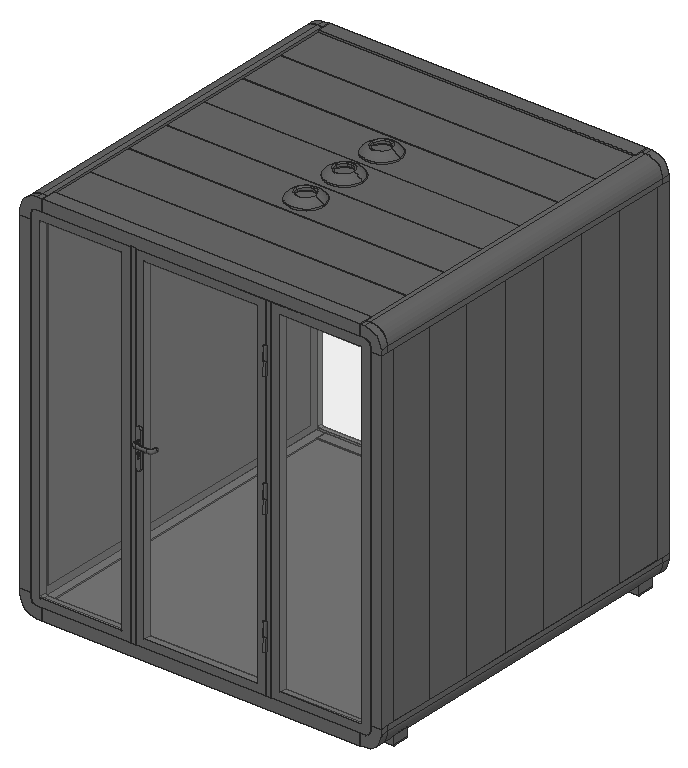
Revit family "Inbox Booths_X-Large Booth", category Furniture, Revit 2024
Family settings
  OmniClass Number = 23.40.20.00
  OmniClass Title = General Furniture and Specialties
  Work Plane-Based = No
  Enable Cutting in Views = No
  Always vertical = Yes
  Cut with Voids When Loaded = No
  Render Appearance Source = Family Geometry
  Shared = No
  Room Calculation Point = No
Parameters
  WIDTH (DO NOT EDIT) = 2200 mm  # constant formula
  WEIGHT (DO NOT EDIT) = "680 kg"  # constant formula
  URL = "https://inboxbooths.com/"
  Type Comments = "X-Large Booth"
  Product Specific URL (Manufacturer) = "https://inboxbooths.com/product/clubhouse/"
  Product Category = "Loose Furniture"
  OwnedBy = "Inbox Booths"  # constant formula
  Model = "X-Large Booth"
  Manufacturer = "Inbox Booths"  # constant formula
  HEIGHT (DO NOT EDIT) = 2300 mm  # constant formula
  Description = "X-Large portable privacy booth offers individual users a confidential space for phone calls or private meetings in any environment."
  DEPTH (DO NOT EDIT) = 2186 mm  # constant formula
  CreatedBy = "Inbox Booths"  # constant formula
  BIM Content Publish Revit Version = "Revit 2024.1"  # constant formula
  BIM Content Publish Date = "26.04.2024"  # constant formula
  BIM Content Copyright = "Inbox Booths"  # constant formula
  BB_Set Out Lines = yes
  BB_Pet Panel = Default
  BB_Light Source = Default Light Source
  BB_Hardware (non-editable finish) = Default
  BB_Glass Edge (non-editable finish) = Default
  BB_Glass = Glass
  BB_Exterior Shell = Default
  Default Elevation [instance] = 0 mm
  BB_Floor Carpet = Default
  BB_Door Swing = yes
  AREA (DO NOT EDIT) = "4.8 sqm"  # constant formula
Reference planes
  plane 1 "Front": y = 0
  plane 2: z = 0
  plane 3 "Center L/S": y = 2186
  plane 4 "Center L/U": y = 1093
  plane 5: x = -416.493
  plane 6: z = 10
  plane 7: z = 2310
  plane 8: x = 1653.507
  plane 9: z = 1160
  plane 10: x = 683.507
  plane 11: x = 1783.507
Forms (mm)
  Extrusion 1, solid, material "Default" <- "BB_Exterior Shell"
    sketch origin (0, 0, 0) x (1, 0, 0) y (0, 0, 1)
      loop
        line (-286.493, 2243) -> (1653.507, 2243) -> (1653.507, 2310) -> (-286.493, 2310) -> (-286.493, 2243)
    from -90 to 0
  Extrusion 2, solid, material "Default" <- "BB_Exterior Shell"
    sketch origin (0, 1586, 0) x (1, 0, 0) y (0, 0, -1)
      loop
        line (-286.493, -2243) -> (-286.493, -2310) -> (1653.507, -2310) -> (1653.507, -2243) -> (-286.493, -2243)
    from 600 to 518.308
  Extrusion 3, solid, material "Default" <- "BB_Exterior Shell"
    sketch origin (0, 0, 2320) x (1, 0, 0) y (0, 0, 1)
      loop
        line (-286.493, -2243) -> (-286.493, -2310) -> (1653.507, -2310) -> (1653.507, -2243) -> (-286.493, -2243)
    from -90 to 0
  Extrusion 4, solid, material "Default" <- "BB_Exterior Shell"
    sketch origin (98.507, 553.5, 0) x (0, 1, 0) y (0, 0, 1)
      loop
        line (-508.5, 2233) -> (-508.5, 87) -> (1607.5, 87) -> (1607.5, 2233) -> (-508.5, 2233)
    from -448 to -438
  Extrusion 5, solid, material "Default" <- "BB_Exterior Shell"
    sketch origin (0, 0, 0) x (1, 0, 0) y (0, 0, 1)
      loop
        line (-349.493, 77) -> (-286.493, 77) -> (-286.493, 87) -> (-349.493, 87) -> (-349.493, 77)
      loop
        line (1653.507, 77) -> (1706.507, 77) -> (1706.507, 87) -> (1653.507, 87) -> (1653.507, 77)
      loop
        line (-349.493, 2243) -> (-349.493, 2233) -> (-286.493, 2233) -> (-286.493, 2243) -> (-349.493, 2243)
      loop
        line (1706.507, 2243) -> (1653.507, 2243) -> (1653.507, 2233) -> (1706.507, 2233) -> (1706.507, 2243)
    from -2161 to -45
  Extrusion 6, solid, material "Default" <- "BB_Exterior Shell"
    sketch origin (0, 600, 0) x (1, 0, 0) y (0, 1, 0)
      loop
        line (1653.507, 1561) -> (-286.493, 1561) -> (-286.493, 1496) -> (1653.507, 1496) -> (1653.507, 1561)
      loop
        line (-286.493, -555) -> (1653.507, -555) -> (1653.507, -510) -> (-286.493, -510) -> (-286.493, -555)
    from 87 to 77
  Extrusion 7, solid, material "Default" <- "BB_Exterior Shell"
    sketch origin (0, 600, 2156) x (1, 0, 0) y (0, 1, 0)
      loop
        line (1653.507, 1496) -> (1653.507, 1561) -> (-286.493, 1561) -> (-286.493, 1496) -> (1653.507, 1496)
      loop
        line (-286.493, -555) -> (1653.507, -555) -> (1653.507, -492) -> (-286.493, -492) -> (-286.493, -555)
    from 87 to 77
  Extrusion 8, solid, material "Default" <- "BB_Exterior Shell"
    sketch origin (0, 1496, 2320) x (1, 0, 0) y (0, 0, -1)
      loop
        line (-286.493, 2243) -> (1653.507, 2243) -> (1653.507, 2310) -> (-286.493, 2310) -> (-286.493, 2243)
    from 318.8 to 608.308
  Extrusion 9, solid, material "Default" <- "BB_Exterior Shell"
    sketch origin (0, 690, 2320) x (1, 0, 0) y (0, 0, 1)
      loop
        line (-286.493, -2243) -> (-286.493, -2310) -> (1653.507, -2310) -> (1653.507, -2243) -> (-286.493, -2243)
    from -256.275 to 600
  Extrusion 10, solid, material "Default" <- "BB_Floor Carpet"
    sketch origin (0, 600, 0) x (1, 0, 0) y (0, 1, 0)
      loop
        line (1653.507, 1496) -> (-286.493, 1496) -> (-286.493, -510) -> (1653.507, -510) -> (1653.507, 1496)
    from 77 to 82.752
  Extrusion 11, solid, material "Default" <- "BB_Pet Panel"
    sketch origin (0, 600, 2160.248) x (0, -1, 0) y (1, 0, 0)
      loop
        line (-1504.308, 1653.507) -> (-1504.308, -286.493) -> (492, -286.493) -> (492, 1653.507) -> (-1504.308, 1653.507)
    from 77 to 82.752
  Extrusion 12, solid, material "Default" <- "BB_Exterior Shell"
    sketch origin (0, 943.5, 4543) x (1, 0, 0) y (0, 0, -1)
      loop
        line (-286.493, 2243) -> (1653.507, 2243) -> (1653.507, 2300) -> (-286.493, 2300) -> (-286.493, 2243)
    from -286.734 to 2.775
  Extrusion 13, solid, material "Default" <- "BB_Hardware (non-editable finish)", not visible
    sketch origin (0, 0, 0) x (1, 0, 0) y (0, 0, 1)
      loop
        arc (-80.493, 1055) -> (-65.493, 1040) -> (-50.493, 1055) r 15
        line (-50.493, 1055) -> (-50.493, 1265)
        arc (-50.493, 1265) -> (-65.493, 1280) -> (-80.493, 1265) r 15
        line (-80.493, 1265) -> (-80.493, 1055)
    from 0 to 9
  Extrusion 14, solid, material "Default" <- "BB_Hardware (non-editable finish)", not visible
    sketch origin (0, 0, 0) x (1, 0, 0) y (0, 0, 1)
      loop
        arc (-60.993, 1126.252) -> (-65.493, 1141.963) -> (-69.993, 1126.252) r 8.5
        line (-69.993, 1126.252) -> (-69.993, 1113.463)
        arc (-69.993, 1113.463) -> (-65.493, 1108.963) -> (-60.993, 1113.463) r 4.5
        line (-60.993, 1113.463) -> (-60.993, 1126.252)
      loop
        circle (-65.493, 1133.463) r 6.846
    from 9 to 9.871
  Extrusion 15, solid, material "Default" <- "BB_Hardware (non-editable finish)", not visible
    sketch origin (0, 0, 0) x (1, 0, 0) y (0, 0, 1)
      loop
        line (-58.72, 1132.462) -> (-65.493, 1132.462) -> (-65.493, 1134.409) -> (-58.713, 1134.409)
        arc (-58.713, 1134.409) -> (-72.338, 1133.49) -> (-58.72, 1132.462) r 6.846
    from 9 to 9.607
  Sweep 16, solid, material "Default" <- "BB_Hardware (non-editable finish)", not visible
    path origin (-9.25, 0, 1191.013) x (1, 0, 0) y (0, 1, 0)
      loop
        line (-65.493, -9.009) -> (-65.493, -29)
        arc (-65.493, -29) -> (-55.534, -53.042) -> (-31.493, -63) r 34
        line (-31.493, -63) -> (35.007, -63)
        arc (35.007, -63) -> (59.372, -53.221) -> (69.507, -29.004) r 34
        line (69.507, -29.004) -> (69.507, -19)
    profile origin (-74.743, -19.005, 1191.013) x (1, 0, 0) y (0, 0, 1)
      loop
        arc (14.657, 18.263) -> (14.416, 18.644) -> (14.007, 18.834) r 0.8
        arc (14.007, 18.834) -> (11.685, 19.007) -> (9.363, 18.833) r 15.626
        arc (9.363, 18.833) -> (0, 9.47) -> (9.363, 0.107) r 9.363
        arc (9.363, 0.107) -> (11.662, -0.019) -> (13.962, 0.101) r 21.574
        arc (13.962, 0.101) -> (14.393, 0.284) -> (14.647, 0.677) r 0.8
        arc (14.647, 0.677) -> (15.884, 9.469) -> (14.657, 18.263) r 31.996
  Extrusion 17, solid, material "Default" <- "BB_Exterior Shell"
    sketch origin (-375, 2051, 2320) x (1, 0, 0) y (0, 0, -1)
      loop
        line (-41.493, 2210) -> (-41.493, 2180) -> (25.507, 2180) -> (25.507, 2211)
        arc (25.507, 2211) -> (34.88, 2233.627) -> (57.507, 2243) r 32
        line (57.507, 2243) -> (88.507, 2243) -> (88.507, 2310) -> (58.507, 2310)
        arc (58.507, 2310) -> (-12.203, 2280.711) -> (-41.493, 2210) r 100
    from -2006 to 90
  Extrusion 18, solid, material "Default" <- "BB_Exterior Shell"
    sketch origin (0, 1393, 2320) x (1, 0, 0) y (0, 0, -1)
      loop
        line (-286.493, 2243) -> (1653.507, 2243) -> (1653.507, 2310) -> (-286.493, 2310) -> (-286.493, 2243)
    from -446.725 to -157.217
  Extrusion 19, solid, material "Default" <- "BB_Exterior Shell"
    sketch origin (-375, 2051, 0) x (1, 0, 0) y (0, 0, -1)
      loop
        arc (-41.493, -2210) -> (-12.203, -2280.711) -> (58.507, -2310) r 100
        line (58.507, -2310) -> (88.507, -2310) -> (88.507, -2243) -> (57.507, -2243)
        arc (57.507, -2243) -> (34.88, -2233.627) -> (25.507, -2211) r 32
        line (25.507, -2211) -> (25.507, -2180) -> (-41.493, -2180) -> (-41.493, -2210)
    from -2006 to 90
  Extrusion 20, solid, material "Default" <- "BB_Exterior Shell"
    sketch origin (0, 989.5, 4543) x (1, 0, 0) y (0, 0, 1)
      loop
        line (-286.493, -2243) -> (-286.493, -2300) -> (1653.507, -2300) -> (1653.507, -2243) -> (-286.493, -2243)
    from -246.283 to 43.225
  Extrusion 21, solid, material "Default" <- "BB_Hardware (non-editable finish)", not visible
    sketch origin (-2701.325, 0, 26.184) x (1, 0, 0) y (0, 1, 0)
      loop
        circle (3404.582, -7.96) r 8
    from 299.201 to 380.816
  Extrusion 22, solid, material "Default" <- "BB_Hardware (non-editable finish)", not visible
    sketch origin (-2701.325, 0, 107.816) x (0, -1, 0) y (1, 0, 0)
      loop
        circle (7.96, 3404.582) r 8
    from 299.201 to 380.816
  Extrusion 23, solid, material "Default" <- "BB_Hardware (non-editable finish)", not visible
    sketch origin (-2701.325, 0, 779.184) x (1, 0, 0) y (0, 1, 0)
      loop
        circle (3404.582, -7.96) r 8
    from 299.201 to 380.816
  Extrusion 24, solid, material "Default" <- "BB_Hardware (non-editable finish)", not visible
    sketch origin (-2701.325, 0, 860.816) x (0, -1, 0) y (1, 0, 0)
      loop
        circle (7.96, 3404.582) r 8
    from 299.201 to 380.816
  Extrusion 25, solid, material "Default" <- "BB_Hardware (non-editable finish)", not visible
    sketch origin (-2701.325, 0, 1532.184) x (1, 0, 0) y (0, 1, 0)
      loop
        circle (3404.582, -7.96) r 8
    from 299.201 to 380.816
  Extrusion 26, solid, material "Default" <- "BB_Hardware (non-editable finish)", not visible
    sketch origin (-2701.325, 0, 1613.816) x (0, -1, 0) y (1, 0, 0)
      loop
        circle (7.96, 3404.582) r 8
    from 299.201 to 380.816
  Extrusion 27, solid, material "Default" <- "BB_Glass Edge (non-editable finish)", not visible
    sketch origin (2640, -709.952, 0) x (1, 0, 0) y (0, 0, 1)
      loop
        line (-29.493, 2243) -> (-29.493, 77) -> (764.507, 77) -> (764.507, 2243) -> (-29.493, 2243)
      loop
        line (714.507, 2193) -> (20.507, 2193) -> (20.507, 127) -> (714.507, 127) -> (714.507, 2193)
    from -754.952 to -709.952
  Extrusion 28, solid, material "Glass" <- "BB_Glass", not visible
    sketch origin (1933.642, -1616.475, -375.577) x (1, 0, 0) y (0, 0, 1)
      loop
        line (726.866, 2568.577) -> (726.866, 502.577) -> (1420.866, 502.577) -> (1420.866, 2568.577) -> (726.866, 2568.577)
    from -1661.475 to -1616.475
  Extrusion 29, solid, material "Default" <- "BB_Hardware (non-editable finish)", not visible
    sketch origin (2701.25, 0, 0) x (1, 0, 0) y (0, 0, 1)
      loop
        arc (-80.493, 1055) -> (-65.493, 1040) -> (-50.493, 1055) r 15
        line (-50.493, 1055) -> (-50.493, 1265)
        arc (-50.493, 1265) -> (-65.493, 1280) -> (-80.493, 1265) r 15
        line (-80.493, 1265) -> (-80.493, 1055)
    from 0 to 9
  Extrusion 30, solid, material "Default" <- "BB_Hardware (non-editable finish)", not visible
    sketch origin (2701.25, 0, 0) x (1, 0, 0) y (0, 0, 1)
      loop
        arc (-60.993, 1126.252) -> (-65.493, 1141.963) -> (-69.993, 1126.252) r 8.5
        line (-69.993, 1126.252) -> (-69.993, 1113.463)
        arc (-69.993, 1113.463) -> (-65.493, 1108.963) -> (-60.993, 1113.463) r 4.5
        line (-60.993, 1113.463) -> (-60.993, 1126.252)
      loop
        circle (-65.493, 1133.463) r 6.846
    from 9 to 9.871
  Extrusion 31, solid, material "Default" <- "BB_Hardware (non-editable finish)", not visible
    sketch origin (2701.25, 0, 0) x (1, 0, 0) y (0, 0, 1)
      loop
        line (-58.72, 1132.462) -> (-65.493, 1132.462) -> (-65.493, 1134.409) -> (-58.713, 1134.409)
        arc (-58.713, 1134.409) -> (-72.338, 1133.49) -> (-58.72, 1132.462) r 6.846
    from 9 to 9.607
  Sweep 32, solid, material "Default" <- "BB_Hardware (non-editable finish)", not visible
    path origin (2692, 0, 1191.013) x (1, 0, 0) y (0, 1, 0)
      loop
        line (-65.493, -9.009) -> (-65.493, -29)
        arc (-65.493, -29) -> (-55.534, -53.042) -> (-31.493, -63) r 34
        line (-31.493, -63) -> (35.007, -63)
        arc (35.007, -63) -> (59.372, -53.221) -> (69.507, -29.004) r 34
        line (69.507, -29.004) -> (69.507, -19)
    profile origin (2626.507, -19.005, 1191.013) x (1, 0, 0) y (0, 0, 1)
      loop
        arc (14.657, 18.263) -> (14.416, 18.644) -> (14.007, 18.834) r 0.8
        arc (14.007, 18.834) -> (11.685, 19.007) -> (9.363, 18.833) r 15.626
        arc (9.363, 18.833) -> (0, 9.47) -> (9.363, 0.107) r 9.363
        arc (9.363, 0.107) -> (11.662, -0.019) -> (13.962, 0.101) r 21.574
        arc (13.962, 0.101) -> (14.393, 0.284) -> (14.647, 0.677) r 0.8
        arc (14.647, 0.677) -> (15.884, 9.469) -> (14.657, 18.263) r 31.996
  Extrusion 33, solid, material "Default" <- "BB_Hardware (non-editable finish)", not visible
    sketch origin (-0.075, 0, 26.184) x (1, 0, 0) y (0, 1, 0)
      loop
        circle (3404.582, -7.96) r 8
    from 299.201 to 380.816
  Extrusion 34, solid, material "Default" <- "BB_Hardware (non-editable finish)", not visible
    sketch origin (-0.075, 0, 107.816) x (0, -1, 0) y (1, 0, 0)
      loop
        circle (7.96, 3404.582) r 8
    from 299.201 to 380.816
  Extrusion 35, solid, material "Default" <- "BB_Hardware (non-editable finish)", not visible
    sketch origin (-0.075, 0, 779.184) x (1, 0, 0) y (0, 1, 0)
      loop
        circle (3404.582, -7.96) r 8
    from 299.201 to 380.816
  Extrusion 36, solid, material "Default" <- "BB_Hardware (non-editable finish)", not visible
    sketch origin (-0.075, 0, 860.816) x (0, -1, 0) y (1, 0, 0)
      loop
        circle (7.96, 3404.582) r 8
    from 299.201 to 380.816
  Extrusion 37, solid, material "Default" <- "BB_Hardware (non-editable finish)", not visible
    sketch origin (-0.075, 0, 1532.184) x (1, 0, 0) y (0, 1, 0)
      loop
        circle (3404.582, -7.96) r 8
    from 299.201 to 380.816
  Extrusion 38, solid, material "Default" <- "BB_Hardware (non-editable finish)", not visible
    sketch origin (-0.075, 0, 1613.816) x (0, -1, 0) y (1, 0, 0)
      loop
        circle (7.96, 3404.582) r 8
    from 299.201 to 380.816
  Extrusion 39, solid, material "Default" <- "BB_Exterior Shell"
    sketch origin (0, 1093, 2320) x (1, 0, 0) y (0, 0, 1)
      loop
        line (-286.493, -2243) -> (-286.493, -2310) -> (1653.507, -2310) -> (1653.507, -2243) -> (-286.493, -2243)
    from -432.292 to -142.783
  Extrusion 40, solid, material "Default" <- "BB_Exterior Shell"
    sketch origin (0, 1946, 2320) x (1, 0, 0) y (0, 0, -1)
      loop
        line (-286.493, 2243) -> (1653.507, 2243) -> (1653.507, 2310) -> (-286.493, 2310) -> (-286.493, 2243)
    from -420.708 to -131.2
  Extrusion 41, solid, material "Default" <- "BB_Exterior Shell", not visible
    sketch origin (0, -600, 0) x (1, 0, 0) y (0, 0, 1)
      loop
        line (-286.493, 2243) -> (1653.507, 2243) -> (1653.507, 2310) -> (-286.493, 2310) -> (-286.493, 2243)
    from -90 to 0
  Extrusion 42, solid, material "Default" <- "BB_Exterior Shell", not visible
    sketch origin (0, 986, 0) x (1, 0, 0) y (0, 0, -1)
      loop
        line (-286.493, -2243) -> (-286.493, -2310) -> (1653.507, -2310) -> (1653.507, -2243) -> (-286.493, -2243)
    from 600 to 518.308
  Extrusion 43, solid, material "Default" <- "BB_Exterior Shell", not visible
    sketch origin (0, -600, 2320) x (1, 0, 0) y (0, 0, 1)
      loop
        line (-286.493, -2243) -> (-286.493, -2310) -> (1653.507, -2310) -> (1653.507, -2243) -> (-286.493, -2243)
    from -90 to 0
  Extrusion 44, solid, material "Default" <- "BB_Exterior Shell", not visible
    sketch origin (98.507, -46.5, 0) x (0, 1, 0) y (0, 0, 1)
      loop
        line (-508.5, 2233) -> (-508.5, 87) -> (1607.5, 87) -> (1607.5, 2233) -> (-508.5, 2233)
    from -448 to -438
  Extrusion 45, solid, material "Default" <- "BB_Exterior Shell", not visible
    sketch origin (0, -600, 0) x (1, 0, 0) y (0, 0, 1)
      loop
        line (-349.493, 77) -> (-286.493, 77) -> (-286.493, 87) -> (-349.493, 87) -> (-349.493, 77)
      loop
        line (1653.507, 77) -> (1706.507, 77) -> (1706.507, 87) -> (1653.507, 87) -> (1653.507, 77)
      loop
        line (-349.493, 2243) -> (-349.493, 2233) -> (-286.493, 2233) -> (-286.493, 2243) -> (-349.493, 2243)
      loop
        line (1706.507, 2243) -> (1653.507, 2243) -> (1653.507, 2233) -> (1706.507, 2233) -> (1706.507, 2243)
    from -2161 to -45
  Extrusion 46, solid, material "Default" <- "BB_Exterior Shell", not visible
    sketch origin (0, 0, 0) x (1, 0, 0) y (0, 1, 0)
      loop
        line (1653.507, 1561) -> (-286.493, 1561) -> (-286.493, 1496) -> (1653.507, 1496) -> (1653.507, 1561)
      loop
        line (-286.493, -555) -> (1653.507, -555) -> (1653.507, -510) -> (-286.493, -510) -> (-286.493, -555)
    from 87 to 77
  Extrusion 47, solid, material "Default" <- "BB_Exterior Shell", not visible
    sketch origin (0, 0, 2156) x (1, 0, 0) y (0, 1, 0)
      loop
        line (1653.507, 1496) -> (1653.507, 1561) -> (-286.493, 1561) -> (-286.493, 1496) -> (1653.507, 1496)
      loop
        line (-286.493, -555) -> (1653.507, -555) -> (1653.507, -492) -> (-286.493, -492) -> (-286.493, -555)
    from 87 to 77
  Extrusion 48, solid, material "Default" <- "BB_Exterior Shell", not visible
    sketch origin (0, 896, 2320) x (1, 0, 0) y (0, 0, -1)
      loop
        line (-286.493, 2243) -> (1653.507, 2243) -> (1653.507, 2310) -> (-286.493, 2310) -> (-286.493, 2243)
    from 318.8 to 608.308
  Extrusion 49, solid, material "Default" <- "BB_Exterior Shell", not visible
    sketch origin (0, 90, 2320) x (1, 0, 0) y (0, 0, 1)
      loop
        line (-286.493, -2243) -> (-286.493, -2310) -> (1653.507, -2310) -> (1653.507, -2243) -> (-286.493, -2243)
    from -256.275 to 600
  Extrusion 50, solid, material "Default" <- "BB_Exterior Shell", not visible
    sketch origin (0, 343.5, 4543) x (1, 0, 0) y (0, 0, -1)
      loop
        line (-286.493, 2243) -> (1653.507, 2243) -> (1653.507, 2300) -> (-286.493, 2300) -> (-286.493, 2243)
    from -286.734 to 2.775
  Extrusion 51, solid, material "Default" <- "BB_Exterior Shell", not visible
    sketch origin (-375, 1451, 2320) x (1, 0, 0) y (0, 0, -1)
      loop
        line (-41.493, 2210) -> (-41.493, 2180) -> (25.507, 2180) -> (25.507, 2211)
        arc (25.507, 2211) -> (34.88, 2233.627) -> (57.507, 2243) r 32
        line (57.507, 2243) -> (88.507, 2243) -> (88.507, 2310) -> (58.507, 2310)
        arc (58.507, 2310) -> (-12.203, 2280.711) -> (-41.493, 2210) r 100
    from -2006 to 90
  Extrusion 52, solid, material "Default" <- "BB_Exterior Shell", not visible
    sketch origin (0, 793, 2320) x (1, 0, 0) y (0, 0, -1)
      loop
        line (-286.493, 2243) -> (1653.507, 2243) -> (1653.507, 2310) -> (-286.493, 2310) -> (-286.493, 2243)
    from -446.725 to -157.217
  Extrusion 53, solid, material "Default" <- "BB_Exterior Shell", not visible
    sketch origin (-375, 1451, 0) x (1, 0, 0) y (0, 0, -1)
      loop
        arc (-41.493, -2210) -> (-12.203, -2280.711) -> (58.507, -2310) r 100
        line (58.507, -2310) -> (88.507, -2310) -> (88.507, -2243) -> (57.507, -2243)
        arc (57.507, -2243) -> (34.88, -2233.627) -> (25.507, -2211) r 32
        line (25.507, -2211) -> (25.507, -2180) -> (-41.493, -2180) -> (-41.493, -2210)
    from -2006 to 90
  Extrusion 54, solid, material "Default" <- "BB_Exterior Shell", not visible
    sketch origin (0, 389.5, 4543) x (1, 0, 0) y (0, 0, 1)
      loop
        line (-286.493, -2243) -> (-286.493, -2300) -> (1653.507, -2300) -> (1653.507, -2243) -> (-286.493, -2243)
    from -246.283 to 43.225
  Extrusion 55, solid, material "Default" <- "BB_Exterior Shell", not visible
    sketch origin (0, 493, 2320) x (1, 0, 0) y (0, 0, 1)
      loop
        line (-286.493, -2243) -> (-286.493, -2310) -> (1653.507, -2310) -> (1653.507, -2243) -> (-286.493, -2243)
    from -432.292 to -142.783
  Extrusion 56, solid, material "Default" <- "BB_Exterior Shell", not visible
    sketch origin (0, 1346, 2320) x (1, 0, 0) y (0, 0, -1)
      loop
        line (-286.493, 2243) -> (1653.507, 2243) -> (1653.507, 2310) -> (-286.493, 2310) -> (-286.493, 2243)
    from -420.708 to -131.2
  Extrusion 57, solid, material "Default" <- "BB_Pet Panel"
    sketch origin (-139.493, 1633.5, 51.289) x (0, -1, 0) y (0, 0, -1)
      loop
        line (-462.5, -2128.711) -> (1525.5, -2128.711) -> (1525.5, -88.711) -> (-462.5, -88.711) -> (-462.5, -2128.711)
    from -200 to -190
  Extrusion 58, solid, material "Default" <- "BB_Exterior Shell"
    sketch origin (1742.015, 2051, 0) x (-1, 0, 0) y (0, 0, 1)
      loop
        line (-41.493, 2210) -> (-41.493, 2180) -> (25.507, 2180) -> (25.507, 2211)
        arc (25.507, 2211) -> (34.88, 2233.627) -> (57.507, 2243) r 32
        line (57.507, 2243) -> (88.507, 2243) -> (88.507, 2310) -> (58.507, 2310)
        arc (58.507, 2310) -> (-12.203, 2280.711) -> (-41.493, 2210) r 100
    from -2006 to 90
  Extrusion 59, solid, material "Default" <- "BB_Exterior Shell"
    sketch origin (1742.015, 2051, 2320) x (-1, 0, 0) y (0, 0, 1)
      loop
        arc (-41.493, -2210) -> (-12.203, -2280.711) -> (58.507, -2310) r 100
        line (58.507, -2310) -> (88.507, -2310) -> (88.507, -2243) -> (57.507, -2243)
        arc (57.507, -2243) -> (34.88, -2233.627) -> (25.507, -2211) r 32
        line (25.507, -2211) -> (25.507, -2180) -> (-41.493, -2180) -> (-41.493, -2210)
    from -2006 to 90
  Extrusion 60, solid, material "Default" <- "BB_Exterior Shell"
    sketch origin (1868.507, 605, 0) x (0, 1, 0) y (0, 0, -1)
      loop
        line (51.766, -2180) -> (341.275, -2180) -> (341.275, -140) -> (51.766, -140) -> (51.766, -2180)
    from 92 to 152
  Extrusion 61, solid, material "Default" <- "BB_Exterior Shell", not visible
    sketch origin (1742.015, 1451, 0) x (-1, 0, 0) y (0, 0, 1)
      loop
        line (-41.493, 2210) -> (-41.493, 2180) -> (25.507, 2180) -> (25.507, 2211)
        arc (25.507, 2211) -> (34.88, 2233.627) -> (57.507, 2243) r 32
        line (57.507, 2243) -> (88.507, 2243) -> (88.507, 2310) -> (58.507, 2310)
        arc (58.507, 2310) -> (-12.203, 2280.711) -> (-41.493, 2210) r 100
    from -2006 to 90
  Extrusion 62, solid, material "Default" <- "BB_Exterior Shell", not visible
    sketch origin (1742.015, 1451, 2320) x (-1, 0, 0) y (0, 0, 1)
      loop
        arc (-41.493, -2210) -> (-12.203, -2280.711) -> (58.507, -2310) r 100
        line (58.507, -2310) -> (88.507, -2310) -> (88.507, -2243) -> (57.507, -2243)
        arc (57.507, -2243) -> (34.88, -2233.627) -> (25.507, -2211) r 32
        line (25.507, -2211) -> (25.507, -2180) -> (-41.493, -2180) -> (-41.493, -2210)
    from -2006 to 90
  Extrusion 63, solid, material "Default" <- "BB_Exterior Shell", not visible
    sketch origin (1868.507, 5, 0) x (0, 1, 0) y (0, 0, -1)
      loop
        line (51.766, -2180) -> (341.275, -2180) -> (341.275, -140) -> (51.766, -140) -> (51.766, -2180)
    from 92 to 152
  Extrusion 64, solid, material "Default" <- "BB_Exterior Shell"
    sketch origin (1268.507, 553.5, 0) x (0, 1, 0) y (0, 0, -1)
      loop
        line (-508.5, -2233) -> (1607.5, -2233) -> (1607.5, -87) -> (-508.5, -87) -> (-508.5, -2233)
    from -448 to -438
  Extrusion 65, solid, material "Default" <- "BB_Exterior Shell", not visible
    sketch origin (1268.507, -46.5, 0) x (0, 1, 0) y (0, 0, -1)
      loop
        line (-508.5, -2233) -> (1607.5, -2233) -> (1607.5, -87) -> (-508.5, -87) -> (-508.5, -2233)
    from -448 to -438
  Extrusion 66, solid, material "Default" <- "BB_Pet Panel"
    sketch origin (1506.507, 1633.5, 51.289) x (0, -1, 0) y (0, 0, 1)
      loop
        line (-462.5, 2128.711) -> (-462.5, 88.711) -> (1525.5, 88.711) -> (1525.5, 2128.711) -> (-462.5, 2128.711)
    from -200 to -190
  Extrusion 67, solid, material "Default" <- "BB_Glass Edge (non-editable finish)"
    sketch origin (0, 558.525, 0) x (1, 0, 0) y (0, 0, 1)
      loop
        arc (-317.493, 2243) -> (-340.12, 2233.627) -> (-349.493, 2211) r 32
        line (-349.493, 2211) -> (-349.493, 109)
        arc (-349.493, 109) -> (-340.12, 86.373) -> (-317.493, 77) r 32
        line (-317.493, 77) -> (1684.507, 77)
        arc (1684.507, 77) -> (1707.135, 86.373) -> (1716.507, 109) r 32
        line (1716.507, 109) -> (1716.507, 2211)
        arc (1716.507, 2211) -> (1707.135, 2233.627) -> (1684.507, 2243) r 32
        line (1684.507, 2243) -> (-317.493, 2243)
      loop
        line (-317.493, 97) -> (1684.507, 97)
        arc (1684.507, 97) -> (1692.993, 100.515) -> (1696.507, 109) r 12
        line (1696.507, 109) -> (1696.507, 2211)
        arc (1696.507, 2211) -> (1692.993, 2219.485) -> (1684.507, 2223) r 12
        line (1684.507, 2223) -> (-317.493, 2223)
        arc (-317.493, 2223) -> (-325.978, 2219.485) -> (-329.493, 2211) r 12
        line (-329.493, 2211) -> (-329.493, 109)
        arc (-329.493, 109) -> (-325.978, 100.515) -> (-317.493, 97) r 12
    from -1627.475 to -1602.475
  Extrusion 68, solid, material "Glass" <- "BB_Glass"
    sketch origin (700, 2175, 0) x (1, 0, 0) y (0, 0, 1)
      loop
        line (984.507, 2223) -> (330.507, 2223) -> (330.507, 97) -> (984.507, 97)
        arc (984.507, 97) -> (992.993, 100.515) -> (996.507, 109) r 12
        line (996.507, 109) -> (996.507, 2211)
        arc (996.507, 2211) -> (992.993, 2219.485) -> (984.507, 2223) r 12
    from -11 to 14
  Extrusion 69, solid, material "Default" <- "BB_Glass Edge (non-editable finish)", not visible
    sketch origin (0, -41.475, 0) x (1, 0, 0) y (0, 0, 1)
      loop
        arc (-317.493, 2243) -> (-340.12, 2233.627) -> (-349.493, 2211) r 32
        line (-349.493, 2211) -> (-349.493, 109)
        arc (-349.493, 109) -> (-340.12, 86.373) -> (-317.493, 77) r 32
        line (-317.493, 77) -> (1684.507, 77)
        arc (1684.507, 77) -> (1707.135, 86.373) -> (1716.507, 109) r 32
        line (1716.507, 109) -> (1716.507, 2211)
        arc (1716.507, 2211) -> (1707.135, 2233.627) -> (1684.507, 2243) r 32
        line (1684.507, 2243) -> (-317.493, 2243)
      loop
        line (-317.493, 97) -> (1684.507, 97)
        arc (1684.507, 97) -> (1692.993, 100.515) -> (1696.507, 109) r 12
        line (1696.507, 109) -> (1696.507, 2211)
        arc (1696.507, 2211) -> (1692.993, 2219.485) -> (1684.507, 2223) r 12
        line (1684.507, 2223) -> (-317.493, 2223)
        arc (-317.493, 2223) -> (-325.978, 2219.485) -> (-329.493, 2211) r 12
        line (-329.493, 2211) -> (-329.493, 109)
        arc (-329.493, 109) -> (-325.978, 100.515) -> (-317.493, 97) r 12
    from -1627.475 to -1602.475
  Extrusion 70, solid, material "Glass" <- "BB_Glass", not visible
    sketch origin (700, 1575, 0) x (1, 0, 0) y (0, 0, 1)
      loop
        line (984.507, 2223) -> (330.507, 2223) -> (330.507, 97) -> (984.507, 97)
        arc (984.507, 97) -> (992.993, 100.515) -> (996.507, 109) r 12
        line (996.507, 109) -> (996.507, 2211)
        arc (996.507, 2211) -> (992.993, 2219.485) -> (984.507, 2223) r 12
    from -11 to 14
  Extrusion 71, solid, material "Default" <- "BB_Exterior Shell"
    sketch origin (-501.493, 1729.8, 0) x (0, 1, 0) y (0, 0, 1)
      loop
        line (85, 2180) -> (85, 140) -> (374.508, 140) -> (374.508, 2180) -> (85, 2180)
    from 92 to 152
  Extrusion 72, solid, material "Default" <- "BB_Exterior Shell"
    sketch origin (0, 1561.3, 4543) x (1, 0, 0) y (0, 0, 1)
      loop
        line (-286.493, -2243) -> (-286.493, -2300) -> (1653.507, -2300) -> (1653.507, -2243) -> (-286.493, -2243)
    from -253.5 to 36.008
  Extrusion 73, solid, material "Default" <- "BB_Exterior Shell"
    sketch origin (0, 1515.3, 4543) x (1, 0, 0) y (0, 0, -1)
      loop
        line (-286.493, 2243) -> (1653.507, 2243) -> (1653.507, 2300) -> (-286.493, 2300) -> (-286.493, 2243)
    from -279.517 to 9.992
  Extrusion 74, solid, material "Default" <- "BB_Exterior Shell"
    sketch origin (0, 2068.3, 4543) x (1, 0, 0) y (0, 0, -1)
      loop
        line (-286.493, 2243) -> (1653.507, 2243) -> (1653.507, 2300) -> (-286.493, 2300) -> (-286.493, 2243)
    from -253.5 to 36.008
  Extrusion 75, solid, material "Default" <- "BB_Exterior Shell"
    sketch origin (1868.507, 1337.4, 0) x (0, -1, 0) y (0, 0, 1)
      loop
        line (101.617, 2180) -> (101.617, 140) -> (391.125, 140) -> (391.125, 2180) -> (101.617, 2180)
    from 92 to 152
  Extrusion 76, solid, material "Default" <- "BB_Exterior Shell"
    sketch origin (1868.507, 1167.4, 0) x (0, 1, 0) y (0, 0, -1)
      loop
        line (68.383, -2180) -> (357.892, -2180) -> (357.892, -140) -> (68.383, -140) -> (68.383, -2180)
    from 92 to 152
  Extrusion 77, solid, material "Default" <- "BB_Exterior Shell"
    sketch origin (1868.507, 1899.8, 0) x (0, -1, 0) y (0, 0, 1)
      loop
        line (85, 2180) -> (85, 140) -> (374.508, 140) -> (374.508, 2180) -> (85, 2180)
    from 92 to 152
  Extrusion 78, solid, material "Default" <- "BB_Exterior Shell"
    sketch origin (1868.507, 1729.8, 0) x (0, 1, 0) y (0, 0, -1)
      loop
        line (85, -2180) -> (374.508, -2180) -> (374.508, -140) -> (85, -140) -> (85, -2180)
    from 92 to 152
  Extrusion 79, solid, material "Default" <- "BB_Exterior Shell"
    sketch origin (0, 1586, -2233) x (1, 0, 0) y (0, 0, -1)
      loop
        line (-286.493, -2243) -> (-286.493, -2310) -> (1653.507, -2310) -> (1653.507, -2243) -> (-286.493, -2243)
    from 600 to 518.308
  Extrusion 80, solid, material "Default" <- "BB_Exterior Shell", not visible
    sketch origin (-501.493, 1129.8, 0) x (0, 1, 0) y (0, 0, 1)
      loop
        line (85, 2180) -> (85, 140) -> (374.508, 140) -> (374.508, 2180) -> (85, 2180)
    from 92 to 152
  Extrusion 81, solid, material "Default" <- "BB_Exterior Shell", not visible
    sketch origin (0, 961.3, 4543) x (1, 0, 0) y (0, 0, 1)
      loop
        line (-286.493, -2243) -> (-286.493, -2300) -> (1653.507, -2300) -> (1653.507, -2243) -> (-286.493, -2243)
    from -253.5 to 36.008
  Extrusion 82, solid, material "Default" <- "BB_Exterior Shell", not visible
    sketch origin (0, 915.3, 4543) x (1, 0, 0) y (0, 0, -1)
      loop
        line (-286.493, 2243) -> (1653.507, 2243) -> (1653.507, 2300) -> (-286.493, 2300) -> (-286.493, 2243)
    from -279.517 to 9.992
  Extrusion 83, solid, material "Default" <- "BB_Exterior Shell", not visible
    sketch origin (0, 1468.3, 4543) x (1, 0, 0) y (0, 0, -1)
      loop
        line (-286.493, 2243) -> (1653.507, 2243) -> (1653.507, 2300) -> (-286.493, 2300) -> (-286.493, 2243)
    from -253.5 to 36.008
  Extrusion 84, solid, material "Default" <- "BB_Exterior Shell", not visible
    sketch origin (1868.507, 737.4, 0) x (0, -1, 0) y (0, 0, 1)
      loop
        line (101.617, 2180) -> (101.617, 140) -> (391.125, 140) -> (391.125, 2180) -> (101.617, 2180)
    from 92 to 152
  Extrusion 85, solid, material "Default" <- "BB_Exterior Shell", not visible
    sketch origin (1868.507, 567.4, 0) x (0, 1, 0) y (0, 0, -1)
      loop
        line (68.383, -2180) -> (357.892, -2180) -> (357.892, -140) -> (68.383, -140) -> (68.383, -2180)
    from 92 to 152
  Extrusion 86, solid, material "Default" <- "BB_Exterior Shell", not visible
    sketch origin (1868.507, 1299.8, 0) x (0, -1, 0) y (0, 0, 1)
      loop
        line (85, 2180) -> (85, 140) -> (374.508, 140) -> (374.508, 2180) -> (85, 2180)
    from 92 to 152
  Extrusion 87, solid, material "Default" <- "BB_Exterior Shell", not visible
    sketch origin (1868.507, 1129.8, 0) x (0, 1, 0) y (0, 0, -1)
      loop
        line (85, -2180) -> (374.508, -2180) -> (374.508, -140) -> (85, -140) -> (85, -2180)
    from 92 to 152
  Extrusion 88, solid, material "Default" <- "BB_Exterior Shell", not visible
    sketch origin (0, 986, -2233) x (1, 0, 0) y (0, 0, -1)
      loop
        line (-286.493, -2243) -> (-286.493, -2310) -> (1653.507, -2310) -> (1653.507, -2243) -> (-286.493, -2243)
    from 600 to 518.308
  Extrusion 89, solid, material "Default" <- "BB_Exterior Shell"
    sketch origin (0, 1976, 0) x (1, 0, 0) y (0, 0, -1)
      loop
        line (-406.493, -4) -> (-406.493, -66.411)
        arc (-406.493, -66.411) -> (-369.601, -25.268) -> (-316.493, -10) r 100
        line (-316.493, -10) -> (-276.261, -10) -> (-276.261, -4)
        arc (-276.261, -4) -> (-277.432, -1.172) -> (-280.261, 0) r 4
        line (-280.261, 0) -> (-402.493, 0)
        arc (-402.493, 0) -> (-405.321, -1.172) -> (-406.493, -4) r 4
    from 0 to 100
  Extrusion 90, solid, material "Default" <- "BB_Exterior Shell"
    sketch origin (1367.015, 1976, 0) x (-1, 0, 0) y (0, 0, 1)
      loop
        arc (-406.493, 4) -> (-405.321, 1.172) -> (-402.493, 0) r 4
        line (-402.493, 0) -> (-280.261, 0)
        arc (-280.261, 0) -> (-277.432, 1.172) -> (-276.261, 4) r 4
        line (-276.261, 4) -> (-276.261, 10) -> (-316.493, 10)
        arc (-316.493, 10) -> (-369.601, 25.268) -> (-406.493, 66.411) r 100
        line (-406.493, 66.411) -> (-406.493, 4)
    from 0 to 100
  Extrusion 91, solid, material "Default" <- "BB_Exterior Shell", not visible
    sketch origin (0, 1376, 0) x (1, 0, 0) y (0, 0, -1)
      loop
        line (-406.493, -4) -> (-406.493, -66.411)
        arc (-406.493, -66.411) -> (-369.601, -25.268) -> (-316.493, -10) r 100
        line (-316.493, -10) -> (-276.261, -10) -> (-276.261, -4)
        arc (-276.261, -4) -> (-277.432, -1.172) -> (-280.261, 0) r 4
        line (-280.261, 0) -> (-402.493, 0)
        arc (-402.493, 0) -> (-405.321, -1.172) -> (-406.493, -4) r 4
    from 0 to 100
  Extrusion 92, solid, material "Default" <- "BB_Exterior Shell", not visible
    sketch origin (1367.015, 1376, 0) x (-1, 0, 0) y (0, 0, 1)
      loop
        arc (-406.493, 4) -> (-405.321, 1.172) -> (-402.493, 0) r 4
        line (-402.493, 0) -> (-280.261, 0)
        arc (-280.261, 0) -> (-277.432, 1.172) -> (-276.261, 4) r 4
        line (-276.261, 4) -> (-276.261, 10) -> (-316.493, 10)
        arc (-316.493, 10) -> (-369.601, 25.268) -> (-406.493, 66.411) r 100
        line (-406.493, 66.411) -> (-406.493, 4)
    from 0 to 100
  Extrusion 93, solid, material "Glass" <- "BB_Glass"
    sketch origin (6, 2175, 0) x (1, 0, 0) y (0, 0, 1)
      loop
        line (330.622, 2223) -> (330.622, 97) -> (1024.507, 97) -> (1024.507, 2223) -> (330.622, 2223)
    from -11 to 14
  Extrusion 94, solid, material "Glass" <- "BB_Glass", not visible
    sketch origin (6, 1575, 0) x (1, 0, 0) y (0, 0, 1)
      loop
        line (330.622, 2223) -> (330.622, 97) -> (1024.507, 97) -> (1024.507, 2223) -> (330.622, 2223)
    from -11 to 14
  Extrusion 95, solid, material "Glass" <- "BB_Glass"
    sketch origin (667.015, 2175, 0) x (-1, 0, 0) y (0, 0, -1)
      loop
        arc (984.507, -2223) -> (992.993, -2219.485) -> (996.507, -2211) r 12
        line (996.507, -2211) -> (996.507, -109)
        arc (996.507, -109) -> (992.993, -100.515) -> (984.507, -97) r 12
        line (984.507, -97) -> (330.507, -97) -> (330.507, -2223) -> (984.507, -2223)
    from -11 to 14
  Extrusion 96, solid, material "Glass" <- "BB_Glass", not visible
    sketch origin (667.015, 1575, 0) x (-1, 0, 0) y (0, 0, -1)
      loop
        arc (984.507, -2223) -> (992.993, -2219.485) -> (996.507, -2211) r 12
        line (996.507, -2211) -> (996.507, -109)
        arc (996.507, -109) -> (992.993, -100.515) -> (984.507, -97) r 12
        line (984.507, -97) -> (330.507, -97) -> (330.507, -2223) -> (984.507, -2223)
    from -11 to 14
  Extrusion 97, solid, material "Default" <- "BB_Exterior Shell"
    sketch origin (-375, 2096, 2320) x (1, 0, 0) y (0, 0, -1)
      loop
        line (-41.493, 2210) -> (-41.493, 2180) -> (25.507, 2180) -> (25.507, 2211)
        arc (25.507, 2211) -> (34.88, 2233.627) -> (57.507, 2243) r 32
        line (57.507, 2243) -> (88.507, 2243) -> (88.507, 2310) -> (58.507, 2310)
        arc (58.507, 2310) -> (-12.203, 2280.711) -> (-41.493, 2210) r 100
    from 45 to 90
  Extrusion 98, solid, material "Default" <- "BB_Exterior Shell"
    sketch origin (-375, 2531, 0) x (1, 0, 0) y (0, 0, 1)
      loop
        line (-41.493, 2210) -> (-41.493, 2180) -> (25.507, 2180) -> (25.507, 2211)
        arc (25.507, 2211) -> (34.88, 2233.627) -> (57.507, 2243) r 32
        line (57.507, 2243) -> (88.507, 2243) -> (88.507, 2310) -> (58.507, 2310)
        arc (58.507, 2310) -> (-12.203, 2280.711) -> (-41.493, 2210) r 100
    from 345 to 390
  Extrusion 99, solid, material "Default" <- "BB_Exterior Shell"
    sketch origin (1742.015, 2096, 2320) x (-1, 0, 0) y (0, 0, 1)
      loop
        arc (-41.493, -2210) -> (-12.203, -2280.711) -> (58.507, -2310) r 100
        line (58.507, -2310) -> (88.507, -2310) -> (88.507, -2243) -> (57.507, -2243)
        arc (57.507, -2243) -> (34.88, -2233.627) -> (25.507, -2211) r 32
        line (25.507, -2211) -> (25.507, -2180) -> (-41.493, -2180) -> (-41.493, -2210)
    from 45 to 90
  Extrusion 100, solid, material "Default" <- "BB_Exterior Shell"
    sketch origin (1742.015, 2531, 0) x (-1, 0, 0) y (0, 0, -1)
      loop
        arc (-41.493, -2210) -> (-12.203, -2280.711) -> (58.507, -2310) r 100
        line (58.507, -2310) -> (88.507, -2310) -> (88.507, -2243) -> (57.507, -2243)
        arc (57.507, -2243) -> (34.88, -2233.627) -> (25.507, -2211) r 32
        line (25.507, -2211) -> (25.507, -2180) -> (-41.493, -2180) -> (-41.493, -2210)
    from 345 to 390
  Extrusion 101, solid, material "Default" <- "BB_Exterior Shell", not visible
    sketch origin (-375, 1496, 2320) x (1, 0, 0) y (0, 0, -1)
      loop
        line (-41.493, 2210) -> (-41.493, 2180) -> (25.507, 2180) -> (25.507, 2211)
        arc (25.507, 2211) -> (34.88, 2233.627) -> (57.507, 2243) r 32
        line (57.507, 2243) -> (88.507, 2243) -> (88.507, 2310) -> (58.507, 2310)
        arc (58.507, 2310) -> (-12.203, 2280.711) -> (-41.493, 2210) r 100
    from 45 to 90
  Extrusion 102, solid, material "Default" <- "BB_Exterior Shell", not visible
    sketch origin (-375, 1931, 0) x (1, 0, 0) y (0, 0, 1)
      loop
        line (-41.493, 2210) -> (-41.493, 2180) -> (25.507, 2180) -> (25.507, 2211)
        arc (25.507, 2211) -> (34.88, 2233.627) -> (57.507, 2243) r 32
        line (57.507, 2243) -> (88.507, 2243) -> (88.507, 2310) -> (58.507, 2310)
        arc (58.507, 2310) -> (-12.203, 2280.711) -> (-41.493, 2210) r 100
    from 345 to 390
  Extrusion 103, solid, material "Default" <- "BB_Exterior Shell", not visible
    sketch origin (1742.015, 1496, 2320) x (-1, 0, 0) y (0, 0, 1)
      loop
        arc (-41.493, -2210) -> (-12.203, -2280.711) -> (58.507, -2310) r 100
        line (58.507, -2310) -> (88.507, -2310) -> (88.507, -2243) -> (57.507, -2243)
        arc (57.507, -2243) -> (34.88, -2233.627) -> (25.507, -2211) r 32
        line (25.507, -2211) -> (25.507, -2180) -> (-41.493, -2180) -> (-41.493, -2210)
    from 45 to 90
  Extrusion 104, solid, material "Default" <- "BB_Exterior Shell", not visible
    sketch origin (1742.015, 1931, 0) x (-1, 0, 0) y (0, 0, -1)
      loop
        arc (-41.493, -2210) -> (-12.203, -2280.711) -> (58.507, -2310) r 100
        line (58.507, -2310) -> (88.507, -2310) -> (88.507, -2243) -> (57.507, -2243)
        arc (57.507, -2243) -> (34.88, -2233.627) -> (25.507, -2211) r 32
        line (25.507, -2211) -> (25.507, -2180) -> (-41.493, -2180) -> (-41.493, -2210)
    from 345 to 390
  Extrusion 105, solid, material "Default" <- "BB_Exterior Shell", not visible
    sketch origin (0, -600, 0) x (1, 0, 0) y (0, 0, 1)
      loop
        line (-286.493, 2243) -> (1653.507, 2243) -> (1653.507, 2310) -> (-286.493, 2310) -> (-286.493, 2243)
    from -90 to 0
  Extrusion 106, solid, material "Default" <- "BB_Exterior Shell", not visible
    sketch origin (0, 986, 0) x (1, 0, 0) y (0, 0, -1)
      loop
        line (-286.493, -2243) -> (-286.493, -2310) -> (1653.507, -2310) -> (1653.507, -2243) -> (-286.493, -2243)
    from 600 to 518.308
  Extrusion 107, solid, material "Default" <- "BB_Exterior Shell", not visible
    sketch origin (0, -600, 2320) x (1, 0, 0) y (0, 0, 1)
      loop
        line (-286.493, -2243) -> (-286.493, -2310) -> (1653.507, -2310) -> (1653.507, -2243) -> (-286.493, -2243)
    from -90 to 0
  Extrusion 108, solid, material "Default" <- "BB_Exterior Shell", not visible
    sketch origin (98.507, -46.5, 0) x (0, 1, 0) y (0, 0, 1)
      loop
        line (-508.5, 2233) -> (-508.5, 87) -> (1607.5, 87) -> (1607.5, 2233) -> (-508.5, 2233)
    from -448 to -438
  Extrusion 109, solid, material "Default" <- "BB_Exterior Shell", not visible
    sketch origin (0, -600, 0) x (1, 0, 0) y (0, 0, 1)
      loop
        line (-349.493, 77) -> (-286.493, 77) -> (-286.493, 87) -> (-349.493, 87) -> (-349.493, 77)
      loop
        line (1653.507, 77) -> (1706.507, 77) -> (1706.507, 87) -> (1653.507, 87) -> (1653.507, 77)
      loop
        line (-349.493, 2243) -> (-349.493, 2233) -> (-286.493, 2233) -> (-286.493, 2243) -> (-349.493, 2243)
      loop
        line (1706.507, 2243) -> (1653.507, 2243) -> (1653.507, 2233) -> (1706.507, 2233) -> (1706.507, 2243)
    from -2161 to -45
  Extrusion 110, solid, material "Default" <- "BB_Exterior Shell", not visible
    sketch origin (0, 0, 0) x (1, 0, 0) y (0, 1, 0)
      loop
        line (1653.507, 1561) -> (-286.493, 1561) -> (-286.493, 1496) -> (1653.507, 1496) -> (1653.507, 1561)
      loop
        line (-286.493, -555) -> (1653.507, -555) -> (1653.507, -510) -> (-286.493, -510) -> (-286.493, -555)
    from 87 to 77
  Extrusion 111, solid, material "Default" <- "BB_Exterior Shell", not visible
    sketch origin (0, 0, 2156) x (1, 0, 0) y (0, 1, 0)
      loop
        line (1653.507, 1496) -> (1653.507, 1561) -> (-286.493, 1561) -> (-286.493, 1496) -> (1653.507, 1496)
      loop
        line (-286.493, -555) -> (1653.507, -555) -> (1653.507, -492) -> (-286.493, -492) -> (-286.493, -555)
    from 87 to 77
  Extrusion 112, solid, material "Default" <- "BB_Exterior Shell", not visible
    sketch origin (0, 896, 2320) x (1, 0, 0) y (0, 0, -1)
      loop
        line (-286.493, 2243) -> (1653.507, 2243) -> (1653.507, 2310) -> (-286.493, 2310) -> (-286.493, 2243)
    from 318.8 to 608.308
  Extrusion 113, solid, material "Default" <- "BB_Exterior Shell", not visible
    sketch origin (0, 90, 2320) x (1, 0, 0) y (0, 0, 1)
      loop
        line (-286.493, -2243) -> (-286.493, -2310) -> (1653.507, -2310) -> (1653.507, -2243) -> (-286.493, -2243)
    from -256.275 to 600
  Extrusion 114, solid, material "Default" <- "BB_Floor Carpet", not visible
    sketch origin (0, 0, 0) x (1, 0, 0) y (0, 1, 0)
      loop
        line (1653.507, 1496) -> (-286.493, 1496) -> (-286.493, -510) -> (1653.507, -510) -> (1653.507, 1496)
    from 77 to 82.752
  Extrusion 115, solid, material "Default" <- "BB_Pet Panel", not visible
    sketch origin (0, 0, 2160.248) x (0, -1, 0) y (1, 0, 0)
      loop
        line (-1504.308, 1653.507) -> (-1504.308, -286.493) -> (492, -286.493) -> (492, 1653.507) -> (-1504.308, 1653.507)
    from 77 to 82.752
  Extrusion 116, solid, material "Default" <- "BB_Exterior Shell", not visible
    sketch origin (0, 343.5, 4543) x (1, 0, 0) y (0, 0, -1)
      loop
        line (-286.493, 2243) -> (1653.507, 2243) -> (1653.507, 2300) -> (-286.493, 2300) -> (-286.493, 2243)
    from -286.734 to 2.775
  Extrusion 117, solid, material "Default" <- "BB_Exterior Shell", not visible
    sketch origin (-375, 1451, 2320) x (1, 0, 0) y (0, 0, -1)
      loop
        line (-41.493, 2210) -> (-41.493, 2180) -> (25.507, 2180) -> (25.507, 2211)
        arc (25.507, 2211) -> (34.88, 2233.627) -> (57.507, 2243) r 32
        line (57.507, 2243) -> (88.507, 2243) -> (88.507, 2310) -> (58.507, 2310)
        arc (58.507, 2310) -> (-12.203, 2280.711) -> (-41.493, 2210) r 100
    from -2006 to 90
  Extrusion 118, solid, material "Default" <- "BB_Exterior Shell", not visible
    sketch origin (0, 793, 2320) x (1, 0, 0) y (0, 0, -1)
      loop
        line (-286.493, 2243) -> (1653.507, 2243) -> (1653.507, 2310) -> (-286.493, 2310) -> (-286.493, 2243)
    from -446.725 to -157.217
  Extrusion 119, solid, material "Default" <- "BB_Exterior Shell", not visible
    sketch origin (-375, 1451, 0) x (1, 0, 0) y (0, 0, -1)
      loop
        arc (-41.493, -2210) -> (-12.203, -2280.711) -> (58.507, -2310) r 100
        line (58.507, -2310) -> (88.507, -2310) -> (88.507, -2243) -> (57.507, -2243)
        arc (57.507, -2243) -> (34.88, -2233.627) -> (25.507, -2211) r 32
        line (25.507, -2211) -> (25.507, -2180) -> (-41.493, -2180) -> (-41.493, -2210)
    from -2006 to 90
  Extrusion 120, solid, material "Default" <- "BB_Exterior Shell", not visible
    sketch origin (0, 389.5, 4543) x (1, 0, 0) y (0, 0, 1)
      loop
        line (-286.493, -2243) -> (-286.493, -2300) -> (1653.507, -2300) -> (1653.507, -2243) -> (-286.493, -2243)
    from -246.283 to 43.225
  Extrusion 121, solid, material "Default" <- "BB_Exterior Shell", not visible
    sketch origin (0, 493, 2320) x (1, 0, 0) y (0, 0, 1)
      loop
        line (-286.493, -2243) -> (-286.493, -2310) -> (1653.507, -2310) -> (1653.507, -2243) -> (-286.493, -2243)
    from -432.292 to -142.783
  Extrusion 122, solid, material "Default" <- "BB_Exterior Shell", not visible
    sketch origin (0, 1346, 2320) x (1, 0, 0) y (0, 0, -1)
      loop
        line (-286.493, 2243) -> (1653.507, 2243) -> (1653.507, 2310) -> (-286.493, 2310) -> (-286.493, 2243)
    from -420.708 to -131.2
  Extrusion 123, solid, material "Default" <- "BB_Pet Panel", not visible
    sketch origin (-139.493, 1033.5, 51.289) x (0, -1, 0) y (0, 0, -1)
      loop
        line (-462.5, -2128.711) -> (1525.5, -2128.711) -> (1525.5, -88.711) -> (-462.5, -88.711) -> (-462.5, -2128.711)
    from -200 to -190
  Extrusion 124, solid, material "Default" <- "BB_Exterior Shell", not visible
    sketch origin (1742.015, 1451, 0) x (-1, 0, 0) y (0, 0, 1)
      loop
        line (-41.493, 2210) -> (-41.493, 2180) -> (25.507, 2180) -> (25.507, 2211)
        arc (25.507, 2211) -> (34.88, 2233.627) -> (57.507, 2243) r 32
        line (57.507, 2243) -> (88.507, 2243) -> (88.507, 2310) -> (58.507, 2310)
        arc (58.507, 2310) -> (-12.203, 2280.711) -> (-41.493, 2210) r 100
    from -2006 to 90
  Extrusion 125, solid, material "Default" <- "BB_Exterior Shell", not visible
    sketch origin (1742.015, 1451, 2320) x (-1, 0, 0) y (0, 0, 1)
      loop
        arc (-41.493, -2210) -> (-12.203, -2280.711) -> (58.507, -2310) r 100
        line (58.507, -2310) -> (88.507, -2310) -> (88.507, -2243) -> (57.507, -2243)
        arc (57.507, -2243) -> (34.88, -2233.627) -> (25.507, -2211) r 32
        line (25.507, -2211) -> (25.507, -2180) -> (-41.493, -2180) -> (-41.493, -2210)
    from -2006 to 90
  Extrusion 126, solid, material "Default" <- "BB_Exterior Shell", not visible
    sketch origin (1868.507, 5, 0) x (0, 1, 0) y (0, 0, -1)
      loop
        line (51.766, -2180) -> (341.275, -2180) -> (341.275, -140) -> (51.766, -140) -> (51.766, -2180)
    from 92 to 152
  Extrusion 127, solid, material "Default" <- "BB_Exterior Shell", not visible
    sketch origin (1268.507, -46.5, 0) x (0, 1, 0) y (0, 0, -1)
      loop
        line (-508.5, -2233) -> (1607.5, -2233) -> (1607.5, -87) -> (-508.5, -87) -> (-508.5, -2233)
    from -448 to -438
  Extrusion 128, solid, material "Default" <- "BB_Pet Panel", not visible
    sketch origin (1506.507, 1033.5, 51.289) x (0, -1, 0) y (0, 0, 1)
      loop
        line (-462.5, 2128.711) -> (-462.5, 88.711) -> (1525.5, 88.711) -> (1525.5, 2128.711) -> (-462.5, 2128.711)
    from -200 to -190
  Extrusion 129, solid, material "Default" <- "BB_Glass Edge (non-editable finish)", not visible
    sketch origin (0, -41.475, 0) x (1, 0, 0) y (0, 0, 1)
      loop
        arc (-317.493, 2243) -> (-340.12, 2233.627) -> (-349.493, 2211) r 32
        line (-349.493, 2211) -> (-349.493, 109)
        arc (-349.493, 109) -> (-340.12, 86.373) -> (-317.493, 77) r 32
        line (-317.493, 77) -> (1684.507, 77)
        arc (1684.507, 77) -> (1707.135, 86.373) -> (1716.507, 109) r 32
        line (1716.507, 109) -> (1716.507, 2211)
        arc (1716.507, 2211) -> (1707.135, 2233.627) -> (1684.507, 2243) r 32
        line (1684.507, 2243) -> (-317.493, 2243)
      loop
        line (-317.493, 97) -> (1684.507, 97)
        arc (1684.507, 97) -> (1692.993, 100.515) -> (1696.507, 109) r 12
        line (1696.507, 109) -> (1696.507, 2211)
        arc (1696.507, 2211) -> (1692.993, 2219.485) -> (1684.507, 2223) r 12
        line (1684.507, 2223) -> (-317.493, 2223)
        arc (-317.493, 2223) -> (-325.978, 2219.485) -> (-329.493, 2211) r 12
        line (-329.493, 2211) -> (-329.493, 109)
        arc (-329.493, 109) -> (-325.978, 100.515) -> (-317.493, 97) r 12
    from -1627.475 to -1602.475
  Extrusion 130, solid, material "Glass" <- "BB_Glass", not visible
    sketch origin (700, 1575, 0) x (1, 0, 0) y (0, 0, 1)
      loop
        line (984.507, 2223) -> (330.507, 2223) -> (330.507, 97) -> (984.507, 97)
        arc (984.507, 97) -> (992.993, 100.515) -> (996.507, 109) r 12
        line (996.507, 109) -> (996.507, 2211)
        arc (996.507, 2211) -> (992.993, 2219.485) -> (984.507, 2223) r 12
    from -11 to 14
  Extrusion 131, solid, material "Default" <- "BB_Exterior Shell", not visible
    sketch origin (-501.493, 1129.8, 0) x (0, 1, 0) y (0, 0, 1)
      loop
        line (85, 2180) -> (85, 140) -> (374.508, 140) -> (374.508, 2180) -> (85, 2180)
    from 92 to 152
  Extrusion 132, solid, material "Default" <- "BB_Exterior Shell", not visible
    sketch origin (0, 961.3, 4543) x (1, 0, 0) y (0, 0, 1)
      loop
        line (-286.493, -2243) -> (-286.493, -2300) -> (1653.507, -2300) -> (1653.507, -2243) -> (-286.493, -2243)
    from -253.5 to 36.008
  Extrusion 133, solid, material "Default" <- "BB_Exterior Shell", not visible
    sketch origin (0, 915.3, 4543) x (1, 0, 0) y (0, 0, -1)
      loop
        line (-286.493, 2243) -> (1653.507, 2243) -> (1653.507, 2300) -> (-286.493, 2300) -> (-286.493, 2243)
    from -279.517 to 9.992
  Extrusion 134, solid, material "Default" <- "BB_Exterior Shell", not visible
    sketch origin (0, 1468.3, 4543) x (1, 0, 0) y (0, 0, -1)
      loop
        line (-286.493, 2243) -> (1653.507, 2243) -> (1653.507, 2300) -> (-286.493, 2300) -> (-286.493, 2243)
    from -253.5 to 36.008
  Extrusion 135, solid, material "Default" <- "BB_Exterior Shell", not visible
    sketch origin (1868.507, 737.4, 0) x (0, -1, 0) y (0, 0, 1)
      loop
        line (101.617, 2180) -> (101.617, 140) -> (391.125, 140) -> (391.125, 2180) -> (101.617, 2180)
    from 92 to 152
  Extrusion 136, solid, material "Default" <- "BB_Exterior Shell", not visible
    sketch origin (1868.507, 567.4, 0) x (0, 1, 0) y (0, 0, -1)
      loop
        line (68.383, -2180) -> (357.892, -2180) -> (357.892, -140) -> (68.383, -140) -> (68.383, -2180)
    from 92 to 152
  Extrusion 137, solid, material "Default" <- "BB_Exterior Shell", not visible
    sketch origin (1868.507, 1299.8, 0) x (0, -1, 0) y (0, 0, 1)
      loop
        line (85, 2180) -> (85, 140) -> (374.508, 140) -> (374.508, 2180) -> (85, 2180)
    from 92 to 152
  Extrusion 138, solid, material "Default" <- "BB_Exterior Shell", not visible
    sketch origin (1868.507, 1129.8, 0) x (0, 1, 0) y (0, 0, -1)
      loop
        line (85, -2180) -> (374.508, -2180) -> (374.508, -140) -> (85, -140) -> (85, -2180)
    from 92 to 152
  Extrusion 139, solid, material "Default" <- "BB_Exterior Shell", not visible
    sketch origin (0, 986, -2233) x (1, 0, 0) y (0, 0, -1)
      loop
        line (-286.493, -2243) -> (-286.493, -2310) -> (1653.507, -2310) -> (1653.507, -2243) -> (-286.493, -2243)
    from 600 to 518.308
  Extrusion 140, solid, material "Default" <- "BB_Exterior Shell", not visible
    sketch origin (0, 1376, 0) x (1, 0, 0) y (0, 0, -1)
      loop
        line (-406.493, -4) -> (-406.493, -66.411)
        arc (-406.493, -66.411) -> (-369.601, -25.268) -> (-316.493, -10) r 100
        line (-316.493, -10) -> (-276.261, -10) -> (-276.261, -4)
        arc (-276.261, -4) -> (-277.432, -1.172) -> (-280.261, 0) r 4
        line (-280.261, 0) -> (-402.493, 0)
        arc (-402.493, 0) -> (-405.321, -1.172) -> (-406.493, -4) r 4
    from 0 to 100
  Extrusion 141, solid, material "Default" <- "BB_Exterior Shell", not visible
    sketch origin (1367.015, 1376, 0) x (-1, 0, 0) y (0, 0, 1)
      loop
        arc (-406.493, 4) -> (-405.321, 1.172) -> (-402.493, 0) r 4
        line (-402.493, 0) -> (-280.261, 0)
        arc (-280.261, 0) -> (-277.432, 1.172) -> (-276.261, 4) r 4
        line (-276.261, 4) -> (-276.261, 10) -> (-316.493, 10)
        arc (-316.493, 10) -> (-369.601, 25.268) -> (-406.493, 66.411) r 100
        line (-406.493, 66.411) -> (-406.493, 4)
    from 0 to 100
  Extrusion 142, solid, material "Glass" <- "BB_Glass", not visible
    sketch origin (6, 1575, 0) x (1, 0, 0) y (0, 0, 1)
      loop
        line (330.622, 2223) -> (330.622, 97) -> (1024.507, 97) -> (1024.507, 2223) -> (330.622, 2223)
    from -11 to 14
  Extrusion 143, solid, material "Glass" <- "BB_Glass", not visible
    sketch origin (667.015, 1575, 0) x (-1, 0, 0) y (0, 0, -1)
      loop
        arc (984.507, -2223) -> (992.993, -2219.485) -> (996.507, -2211) r 12
        line (996.507, -2211) -> (996.507, -109)
        arc (996.507, -109) -> (992.993, -100.515) -> (984.507, -97) r 12
        line (984.507, -97) -> (330.507, -97) -> (330.507, -2223) -> (984.507, -2223)
    from -11 to 14
  Extrusion 144, solid, material "Default" <- "BB_Exterior Shell", not visible
    sketch origin (-375, 1496, 2320) x (1, 0, 0) y (0, 0, -1)
      loop
        line (-41.493, 2210) -> (-41.493, 2180) -> (25.507, 2180) -> (25.507, 2211)
        arc (25.507, 2211) -> (34.88, 2233.627) -> (57.507, 2243) r 32
        line (57.507, 2243) -> (88.507, 2243) -> (88.507, 2310) -> (58.507, 2310)
        arc (58.507, 2310) -> (-12.203, 2280.711) -> (-41.493, 2210) r 100
    from 45 to 90
  Extrusion 145, solid, material "Default" <- "BB_Exterior Shell", not visible
    sketch origin (-375, 1931, 0) x (1, 0, 0) y (0, 0, 1)
      loop
        line (-41.493, 2210) -> (-41.493, 2180) -> (25.507, 2180) -> (25.507, 2211)
        arc (25.507, 2211) -> (34.88, 2233.627) -> (57.507, 2243) r 32
        line (57.507, 2243) -> (88.507, 2243) -> (88.507, 2310) -> (58.507, 2310)
        arc (58.507, 2310) -> (-12.203, 2280.711) -> (-41.493, 2210) r 100
    from 345 to 390
  Extrusion 146, solid, material "Default" <- "BB_Exterior Shell", not visible
    sketch origin (1742.015, 1496, 2320) x (-1, 0, 0) y (0, 0, 1)
      loop
        arc (-41.493, -2210) -> (-12.203, -2280.711) -> (58.507, -2310) r 100
        line (58.507, -2310) -> (88.507, -2310) -> (88.507, -2243) -> (57.507, -2243)
        arc (57.507, -2243) -> (34.88, -2233.627) -> (25.507, -2211) r 32
        line (25.507, -2211) -> (25.507, -2180) -> (-41.493, -2180) -> (-41.493, -2210)
    from 45 to 90
  Extrusion 147, solid, material "Default" <- "BB_Exterior Shell", not visible
    sketch origin (1742.015, 1931, 0) x (-1, 0, 0) y (0, 0, -1)
      loop
        arc (-41.493, -2210) -> (-12.203, -2280.711) -> (58.507, -2310) r 100
        line (58.507, -2310) -> (88.507, -2310) -> (88.507, -2243) -> (57.507, -2243)
        arc (57.507, -2243) -> (34.88, -2233.627) -> (25.507, -2211) r 32
        line (25.507, -2211) -> (25.507, -2180) -> (-41.493, -2180) -> (-41.493, -2210)
    from 345 to 390
  Extrusion 148, solid, material "Default Light Source" <- "BB_Light Source"
    sketch origin (0, 0, 0) x (1, 0, 0) y (0, 0, 1)
      loop
        line (-339.493, 2233) -> (-339.493, 2219.485)
        arc (-339.493, 2219.485) -> (-329.936, 2223.444) -> (-325.978, 2233) r 13.515
        line (-325.978, 2233) -> (-339.493, 2233)
    from -2161 to -45
  Extrusion 149, solid, material "Default Light Source" <- "BB_Light Source"
    sketch origin (1367.015, 0, 0) x (-1, 0, 0) y (0, 0, -1)
      loop
        line (-339.493, -2233) -> (-325.978, -2233)
        arc (-325.978, -2233) -> (-329.936, -2223.444) -> (-339.493, -2219.485) r 13.515
        line (-339.493, -2219.485) -> (-339.493, -2233)
    from -2161 to -45
  Extrusion 150, solid, material "Default Light Source" <- "BB_Light Source", not visible
    sketch origin (0, -600, -93) x (1, 0, 0) y (0, 0, 1)
      loop
        line (-339.493, 2233) -> (-339.493, 2219.485)
        arc (-339.493, 2219.485) -> (-329.936, 2223.444) -> (-325.978, 2233) r 13.515
        line (-325.978, 2233) -> (-339.493, 2233)
    from -2161 to -45
